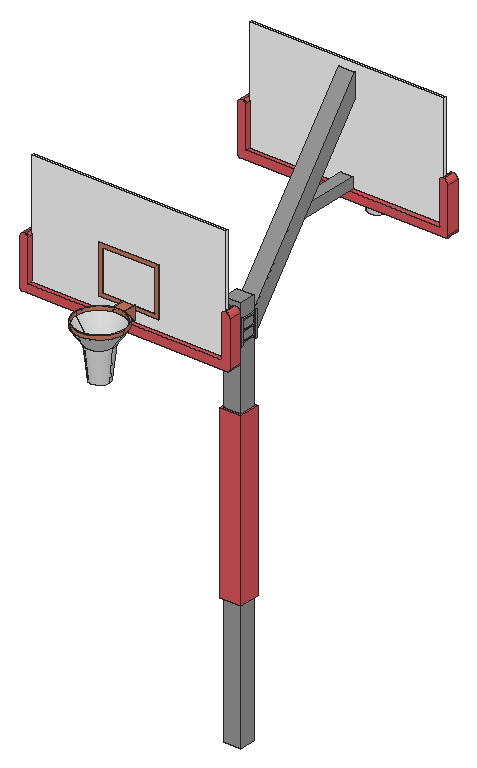
Revit family "Basketball_Backstop-Outdoor-Ultimate_Fixed_Height-IPIbyBison-BA871-72", category Specialty Equipment, Revit 2022
Family settings
  Round Connector Dimension = Use Diameter
  Part Type = Normal
  OmniClass Number = 23.40.50.34.14
  OmniClass Title = Gymnasium Equipment
  Work Plane-Based = No
  Always vertical = Yes
  Cut with Voids When Loaded = No
  Maintain Annotation Orientation = No
  Shared = No
  Room Calculation Point = No
Parameters (values of type "BA872XL-BK")
  padding color [instance] = Plastic - IPI by Bison - Scarlet SC
  URL = "https://ipibybison.com/"
  Specification = "https://www.arcat.com/company/ipi-by-bison-38554/spec"
  Product Page URL = "https://www.arcat.com/arcatcos/cos38/arc38554.html"
  Post Height = 8' - 4"
  Post Square Width = 0' - 6"
  Post Material = Steel - Galvanized - Hot Dipped
  Padding Color [instance] = Plastic - IPI by Bison - Scarlet SC
  Padding = Plastic - IPI by Bison - Scarlet SC
  Model = "BA872XL-BK"
  Manufacturer = "IPI by Bison"
  Keynote = "11 66 00"
  Hoop Finish = Powder Coat - IPI by Bison - Outdoor Orange
  Hoop Elevation = 10' - 0"
  Embedding Depth = 4' - 0"
  Double Sided = yes
  Description = "Outdoor Basketball Frame and Backboard Systems"
  Default Elevation = 0' - 0"
  Copyright = "© 2023 ARCAT"  # constant formula
  Category = ""
  CAD Details = "https://www.arcat.com/company/ipi-by-bison-38554/cad"
  Basket Type = "BA39U"
  Basket Netting = Finish - IPI by Bison - White Netting
  Backboard Length = 6' - 0"
  Backboard Height = 3' - 6"
  Backboard Finish = Powder Coat - White
Types (8): name | Padding | Model | Double Sided | Basket Type | Backboard Length
  BA871A-BK | Padding - Black | "BA871A-BK" | no | "BA39U" | 5' - 0"
  BA871A-GV | Plastic - IPI by Bison - Scarlet SC | "BA871A-GV" | no | "BA39U-GV" | 5' - 0"
  BA871-BK | Plastic - IPI by Bison - Scarlet SC | "BA871-BK" | no | "BA39U" | 5' - 0"
  BA872-BK | Plastic - IPI by Bison - Scarlet SC | "BA872-BK" | yes | "BA39U" | 5' - 0"
  BA871XL-BK | Plastic - IPI by Bison - Scarlet SC | "BA871XL-BK" | no | "BA39U" | 6' - 0"
  BA872-GV | Plastic - IPI by Bison - Scarlet SC | "BA872-GV" | yes | "BA39U" | 5' - 0"
  BA872A-BK | Plastic - IPI by Bison - Scarlet SC | "BA872A-BK" | yes | "BA39U" | 5' - 0"
  BA872XL-BK | Plastic - IPI by Bison - Scarlet SC | "BA872XL-BK" | yes | "BA39U" | 6' - 0"
Reference planes (in)
  plane 1 "Center (Front/Back)": y = 0
  plane 2 "Bottom": z = 0
  plane 3 "Center (Left/Right)": x = 0
  plane 4: x = -3
  plane 5: x = 3
  plane 6 "Back": y = 3
  plane 7: y = -3
  plane 8: y = -51
  plane 9: y = -50
  plane 10 "Left": x = -36
  plane 11 "Right": x = 36
  plane 12: z = 114.5
  plane 13: z = 120
  plane 14 "Top": z = 156.5
  plane 15: y = -51.0625
  plane 16: z = 116.75
  plane 17: y = -31.25
  plane 18: y = -33.25
  plane 19: z = -48
  plane 20: z = 100
  plane 21: z = 94.54174
  plane 22: z = 90.80259
  plane 23: z = 87.06343
  plane 24: x = -3.5
  plane 25: x = 3.5
  plane 26 "Board Center": y = -50.5
  plane 27 "Board Center 2": y = 50.5
Forms (in)
  Extrusion 1, solid, material "Powder Coat - IPI by Bison - Outdoor Orange" <- "Hoop Finish"
    sketch origin (0, 0, 0) x (1, 0, 0) y (0, 0, 1)
      loop
        line (-11.25, 118.5) -> (-2.25, 118.5) -> (-2.25, 120) -> (-9.75, 120) -> (-9.75, 135) -> (9.75, 135) -> (9.75, 120) -> (2.25, 120) -> (2.25, 118.5) -> (11.25, 118.5) -> (11.25, 136.5) -> (-11.25, 136.5) -> (-11.25, 118.5)
    from 51 to 51.0625
  Extrusion 2, solid, material "Steel - Galvanized - Hot Dipped" <- "Post Material"
    sketch origin (0, 0, 0) x (1, 0, 0) y (0, 1, 0)
      loop
        line (-3, 3) -> (-3, -3) -> (3, -3) -> (3, 3) -> (-3, 3)
    from -48 to 100
  Extrusion 3, solid, material "Steel - Galvanized - Hot Dipped" <- "Post Material"
    sketch origin (0, 0, 0) x (0, 1, 0) y (0, 0, 1)
      loop
        line (-3, 95.55319) -> (-3.5, 95.55319) -> (-3.5, 86.05198) -> (-3, 86.05198) -> (-3, 95.55319)
      loop
        line (3, 95.55319) -> (3, 86.05198) -> (3.5, 86.05198) -> (3.5, 95.55319) -> (3, 95.55319)
    from -4 to 4
  Extrusion 4, solid, material "Steel - Galvanized - Hot Dipped" <- "Post Material"
    sketch origin (0, 0, 0) x (1, 0, 0) y (0, 0, 1)
      loop
        circle (-3.5, 94.54174) r 0.25
      loop
        circle (-3.5, 87.06343) r 0.25
      loop
        circle (-3.5, 90.80259) r 0.25
      loop
        circle (3.5, 94.54174) r 0.25
      loop
        circle (3.5, 87.06343) r 0.25
      loop
        circle (3.5, 90.80259) r 0.25
    from -3 to 3
  Extrusion 5, solid, material "Plastic - IPI by Bison - Scarlet SC" <- "Padding Color"
    sketch origin (0, 0, 0) x (1, 0, 0) y (0, 1, 0)
      loop
        line (-3, 3) -> (-3, -3) -> (3, -3) -> (3, 3) -> (-3, 3)
      loop
        line (4, 4) -> (-4, 4) -> (-4, -4) -> (4, -4) -> (4, 4)
    from 0 to 63.25
  Extrusion 6, solid, material "Plastic - IPI by Bison - Scarlet SC" <- "padding color"
    sketch origin (0, -50.5, -2.66507) x (-1, 0, 0) y (0, 0, 1)
      loop
        arc (37, 133.52297) -> (36.29289, 133.23008) -> (36, 132.52297) r 1
        line (36, 132.52297) -> (36, 117.16432) -> (-36, 117.16432) -> (-36, 132.52297)
        arc (-36, 132.52297) -> (-36.29289, 133.23008) -> (-37, 133.52297) r 1
        line (-37, 133.52297) -> (-37.27835, 133.52297)
        arc (-37.27835, 133.52297) -> (-38.51579, 133.01041) -> (-39.02835, 131.77297) r 1.75
        line (-39.02835, 131.77297) -> (-39.02835, 115.02297)
        arc (-39.02835, 115.02297) -> (-38.73546, 114.31587) -> (-38.02835, 114.02297) r 1
        line (-38.02835, 114.02297) -> (38, 114.02297)
        arc (38, 114.02297) -> (38.70711, 114.31587) -> (39, 115.02297) r 1
        line (39, 115.02297) -> (39, 131.77297)
        arc (39, 131.77297) -> (38.48744, 133.01041) -> (37.25, 133.52297) r 1.75
        line (37.25, 133.52297) -> (37, 133.52297)
    from -2.18697 to 2.14819
  Extrusion 7, solid, material "Plastic - IPI by Bison - Scarlet SC" <- "padding color", visible <- "Double Sided"
    sketch origin (0, 50.5, 0) x (-1, 0, 0) y (0, 0, 1)
      loop
        arc (37, 130.8579) -> (36.29289, 130.56501) -> (36, 129.8579) r 1
        line (36, 129.8579) -> (36, 114.49925) -> (-36, 114.49925) -> (-36, 129.8579)
        arc (-36, 129.8579) -> (-36.29289, 130.56501) -> (-37, 130.8579) r 1
        line (-37, 130.8579) -> (-37.27835, 130.8579)
        arc (-37.27835, 130.8579) -> (-38.51579, 130.34534) -> (-39.02835, 129.1079) r 1.75
        line (-39.02835, 129.1079) -> (-39.02835, 112.3579)
        arc (-39.02835, 112.3579) -> (-38.73546, 111.65079) -> (-38.02835, 111.3579) r 1
        line (-38.02835, 111.3579) -> (38, 111.3579)
        arc (38, 111.3579) -> (38.70711, 111.65079) -> (39, 112.3579) r 1
        line (39, 112.3579) -> (39, 129.1079)
        arc (39, 129.1079) -> (38.48744, 130.34534) -> (37.25, 130.8579) r 1.75
        line (37.25, 130.8579) -> (37, 130.8579)
    from -2.18697 to 2.14819
Dimensions and locks (in)
  equal spacing: plane 4, plane 3 "Center (Left/Right)", plane 5
  "Post Square Width": plane 4 to plane 5
  equal spacing: plane 6 "Back", plane 1 "Center (Front/Back)", plane 7
  "Post Square Width": plane 6 "Back" to plane 7
  locked: plane 9 to plane 8 at 1
  equal spacing: plane 10 "Left", plane 3 "Center (Left/Right)", plane 11 "Right"
  "Backboard Length": plane 10 "Left" to plane 11 "Right"
  "Hoop Elevation": plane 13 to level
  locked: plane 13 to plane 12 at 5.5
  "Backboard Height": plane 14 "Top" to plane 12
  locked: plane 8 to plane 15 at 0.0625
  locked: plane 16 to plane 12 at 2.25
  locked: plane 17 to plane 18 at 2
  "Embedding Depth": level to plane 19
  "Post Height": plane 20 to level
  locked: plane 7 to Extrusion 3 sketch curve at 0.5
  plane 20 to Extrusion 3 sketch curve = 0' - 4.44681"
  locked: Extrusion 3 sketch curve to Extrusion 3 sketch curve at 9.50121  (x2)
  locked: Extrusion 3 sketch curve to plane 6 "Back" at 0.5
  equal spacing: Extrusion 3, plane 3 "Center (Left/Right)", Extrusion 3
  locked: Extrusion 3 to Extrusion 3 at 8
  locked: plane 4 to plane 24 at 0.5
  locked: plane 5 to plane 25 at 0.5
  locked: plane 20 to plane 21 at 5.45826
  equal spacing: plane 21, plane 22, plane 23
  locked: plane 21 to plane 23 at 7.47831
  locked: plane 17 to plane 7 at 28.25
  locked: plane 18 to plane 9 at 16.75
  locked: Extrusion 5 sketch curve to Extrusion 5 sketch curve at 1  (x4)
  locked: Extrusion 6 sketch curve to Extrusion 6 sketch curve at 3
  locked: Extrusion 6 sketch curve to Extrusion 6 sketch curve at 3.02835
  locked: plane 9 to plane 26 "Board Center" at 0.5
  locked: Extrusion 7 sketch curve to Extrusion 7 sketch curve at 3
  locked: Extrusion 7 sketch curve to Extrusion 7 sketch curve at 3.02835
  aligned and locked: plane 2 "Bottom" to level
  aligned and locked: plane 8 to Extrusion 1
  aligned and locked: Extrusion 1 to plane 15
  aligned and locked: plane 4 to Extrusion 2 sketch curve
  aligned and locked: plane 5 to Extrusion 2 sketch curve
  aligned and locked: Extrusion 2 sketch curve to plane 7
  aligned and locked: Extrusion 2 sketch curve to plane 6 "Back"
  aligned and locked: plane 20 to Extrusion 2
  aligned and locked: Extrusion 2 to plane 19
  aligned and locked: Extrusion 3 sketch curve to plane 7
  aligned and locked: plane 6 "Back" to Extrusion 3 sketch curve
  aligned and locked: plane 24 to Extrusion 4 sketch curve  (x3)
  aligned and locked: plane 25 to Extrusion 4 sketch curve  (x3)
  aligned and locked: plane 21 to Extrusion 4 sketch curve  (x2)
  aligned and locked: plane 22 to Extrusion 4 sketch curve  (x2)
  aligned and locked: plane 23 to Extrusion 4 sketch curve  (x2)
  aligned and locked: plane 6 "Back" to Extrusion 4
  aligned and locked: plane 7 to Extrusion 4
  aligned and locked: nested 1 to plane 3 "Center (Left/Right)"
  aligned and locked: plane 7 to nested 1
  aligned and locked: plane 22 to nested 1
  aligned and locked: nested 2 to plane 22
  aligned and locked: nested 2 to plane 6 "Back"
  aligned and locked: nested 2 to Extrusion 5 sketch curve
  aligned and locked: Extrusion 5 sketch curve to plane 4
  aligned and locked: Extrusion 5 sketch curve to nested 1
  aligned and locked: plane 7 to Extrusion 5 sketch curve
  aligned and locked: Extrusion 6 sketch curve to nested 1
  aligned and locked: nested 1 to Extrusion 6 sketch curve
Automatic sketch dimensions
  Extrusion 1 sketch curve to plane 13 = 0' - 0"  (x2)
  plane 4 to Extrusion 1 sketch curve = 0' - 0 3/4"
  Extrusion 1 sketch curve to Extrusion 1 sketch curve = 0' - 1 1/2"  (x3)
  plane 5 to Extrusion 1 sketch curve = 0' - 0 3/4"
  Extrusion 1 sketch curve to plane 5 = 0' - 6 3/4"
  Extrusion 1 sketch curve to plane 13 = 0' - 1 1/2"  (x2)
  Extrusion 3 sketch curve to Extrusion 3 sketch curve = 0' - 0"
  plane 13 to Extrusion 1 sketch curve = 1' - 3"
  Extrusion 1 sketch curve to plane 24 = 0' - 7 3/4"
  Extrusion 6 sketch curve to Extrusion 6 sketch curve = 0' - 1"
  Extrusion 6 sketch curve to Extrusion 6 sketch curve = 0' - 0.27835"
  Extrusion 6 sketch curve to Extrusion 6 sketch curve = 0' - 2.02835"
  Extrusion 6 sketch curve to plane 10 "Left" = 0' - 1"
  Extrusion 6 sketch curve to Extrusion 6 sketch curve = 0' - 0 1/4"
  Extrusion 6 sketch curve to plane 10 "Left" = 0' - 2"
  Extrusion 6 sketch curve to plane 12 = 0' - 3.1421"
  Extrusion 6 sketch curve to plane 12 = 0' - 0.00075"
  plane 13 to Extrusion 6 sketch curve = 0' - 9.1079"  (x2)
  plane 11 "Right" to Extrusion 7 sketch curve = 0' - 0"
  Extrusion 7 sketch curve to plane 10 "Left" = 0' - 0"
  Extrusion 7 sketch curve to Extrusion 7 sketch curve = 0' - 1"  (x2)
  Extrusion 7 sketch curve to plane 11 "Right" = 0' - 1.27835"
  Extrusion 7 sketch curve to Extrusion 7 sketch curve = 0' - 0.27835"
  Extrusion 7 sketch curve to plane 10 "Left" = 0' - 1"
  Extrusion 7 sketch curve to Extrusion 7 sketch curve = 0' - 0 1/4"
  Extrusion 7 sketch curve to plane 12 = 0' - 3.1421"
  Extrusion 7 sketch curve to plane 12 = 0' - 0.00075"
  plane 13 to Extrusion 7 sketch curve = 0' - 9.1079"  (x2)
  radius of Extrusion 4 sketch curve = 0' - 0 1/4"  (x6)
Nested families (in)
  nested 1: "Backboard-Hoop_Assembly" at (0, -3, 86.05124), Backboard Finish <- "Backboard Finish", Basket Netting <- "Basket Netting", Hoop Finish <- "Hoop Finish", Post Material <- "Post Material", Backboard Height <- "Backboard Height", Backboard Length <- "Backboard Length", type "Family1"
    with Post Material Steel - Galvanized - Hot Dipped, Hoop Finish Powder Coat - IPI by Bison - Outdoor Orange, Basket Netting Finish - IPI by Bison - White Netting, Backboard Length 6' - 0", Backboard Height 3' - 6", Backboard Finish Powder Coat - White
  nested 2: "Backboard-Hoop_Assembly" at (0, 3, 86.05124), Backboard Finish <- "Backboard Finish", Basket Netting <- "Basket Netting", Hoop Finish <- "Hoop Finish", Post Material <- "Post Material", visible <- "Double Sided", Backboard Height <- "Backboard Height", Backboard Length <- "Backboard Length", type "Family1"
    with Post Material Steel - Galvanized - Hot Dipped, Hoop Finish Powder Coat - IPI by Bison - Outdoor Orange, Basket Netting Finish - IPI by Bison - White Netting, Backboard Length 6' - 0", Backboard Height 3' - 6", Backboard Finish Powder Coat - White
Definition of nested family "Backboard-Hoop_Assembly"
  Parameters (values of type "Family1")
    Post Material [instance] = none
    Hoop Finish [instance] = none
    Default Elevation = 0' - 0"
    Basket Netting [instance] = none
    Backboard Length [instance] = 5' - 0"
    Backboard Height [instance] = 3' - 6"
    Backboard Finish [instance] = none
  Reference planes (in)
    plane 1 "Center (Front/Back)": y = 0
    plane 2 "Bottom": z = 0
    plane 3 "Center (Left/Right)": x = 0
    plane 4 "Top": z = 70.44802
    plane 5: y = -48
    plane 6: z = 4.75135
    plane 7: x = -30
    plane 8: x = 30
    plane 9: z = 28.44802
  Forms (in)
    Extrusion 1, solid, material <- "Backboard Finish"
      sketch origin (0, 3, -86.05198) x (1, 0, 0) y (0, 0, 1)
        loop
          line (-30, 114.5) -> (30, 114.5) -> (30, 156.5) -> (-30, 156.5) -> (-30, 114.5)
      from 50 to 51
    Extrusion 2, solid, material <- "Hoop Finish"
      sketch origin (0, 3, -86.05198) x (1, 0, 0) y (0, 0, 1)
        loop
          line (-11.25, 118.5) -> (-2.25, 118.5) -> (-2.25, 120) -> (-9.75, 120) -> (-9.75, 135) -> (9.75, 135) -> (9.75, 120) -> (2.25, 120) -> (2.25, 118.5) -> (11.25, 118.5) -> (11.25, 136.5) -> (-11.25, 136.5) -> (-11.25, 118.5)
      from 51 to 51.0625
    Extrusion 3, solid, material <- "Post Material"
      sketch origin (0, 3, -86.05198) x (0, 1, 0) y (0, 0, 1)
        loop
          line (-50, 114.5) -> (-25.85567, 114.5) -> (-29.06935, 118.5) -> (-50, 118.5) -> (-50, 114.5)
      from -2.25 to 2.25
    Extrusion 4, solid, material <- "Post Material"
      sketch origin (0, 3, -86.05198) x (0, 1, 0) y (0, 0, 1)
        loop
          line (-3, 95) -> (-50, 153.5) -> (-50, 144.55198) -> (-3, 86.05198) -> (-3, 95)
      from -3 to 3
  Dimensions and locks (in)
    locked: Extrusion 4 sketch curve to Extrusion 4 sketch curve at 8.94802  (x2)
    locked: plane 6 to level at 4.75135
    locked: plane 1 "Center (Front/Back)" to plane 5 at 48
    locked: level to plane 4 "Top" at 70.44802
    equal spacing: plane 7, plane 3 "Center (Left/Right)", plane 8
    "Backboard Length": plane 7 to plane 8
    "Backboard Height": plane 4 "Top" to plane 9
    aligned and locked: plane 2 "Bottom" to level
    aligned and locked: Extrusion 4 to plane 1 "Center (Front/Back)"
    aligned and locked: plane 7 to Extrusion 1
    aligned and locked: plane 8 to Extrusion 1
    aligned and locked: Extrusion 1 to plane 4 "Top"
    aligned and locked: plane 9 to Extrusion 1
  Automatic sketch dimensions
    Extrusion 1 sketch curve to plane 4 "Top" = 0' - 0"
    plane 7 to Extrusion 1 sketch curve = 0' - 0"
    Extrusion 1 sketch curve to plane 8 = 0' - 0"
    plane 6 to Extrusion 1 sketch curve = 1' - 11.69666"
    Extrusion 2 sketch curve to plane 3 "Center (Left/Right)" = 0' - 11 1/4"
    Extrusion 2 sketch curve to Extrusion 2 sketch curve = 0' - 1 1/2"  (x5)
    Extrusion 2 sketch curve to plane 3 "Center (Left/Right)" = 0' - 2 1/4"
    plane 3 "Center (Left/Right)" to Extrusion 2 sketch curve = 0' - 2 1/4"
    Extrusion 2 sketch curve to Extrusion 2 sketch curve = 0' - 7 1/2"
    plane 6 to Extrusion 2 sketch curve = 2' - 3.69666"
    Extrusion 2 sketch curve to Extrusion 2 sketch curve = 0' - 0"
    Extrusion 2 sketch curve to Extrusion 2 sketch curve = 1' - 3"
    plane 5 to Extrusion 3 sketch curve = 0' - 1"
    Extrusion 3 sketch curve to Extrusion 3 sketch curve = 1' - 8.93065"
    Extrusion 3 sketch curve to Extrusion 3 sketch curve = 0' - 3.21368"
    plane 6 to Extrusion 3 sketch curve = 1' - 11.69666"
    Extrusion 3 sketch curve to Extrusion 3 sketch curve = 0' - 4"
    Extrusion 4 sketch curve to level = 0' - 0"
    Extrusion 4 sketch curve to plane 1 "Center (Front/Back)" = 0' - 0"
    plane 5 to Extrusion 4 sketch curve = 0' - 1"
    plane 4 "Top" to Extrusion 4 sketch curve = 0' - 11.94802"
  Nested families (in)
    nested 1: "Playground-System_Heavy-Duty-4_1-2in_PR52_Basket" at (0, -48, 33.94802), Frame <- "Hoop Finish", Netting <- "Basket Netting", type "Playground-System_Heavy-Duty-4_1-2in_PR52_Basket"
      with Netting none, Frame none
  Definition of nested family "Playground-System_Heavy-Duty-4_1-2in_PR52_Basket"
    Parameters (values of type "Playground-System_Heavy-Duty-4_1-2in_PR52_Basket")
      Netting [instance] = none
      Frame [instance] = none
      Default Elevation = 0' - 0"
    Reference planes (in)
      plane 1 "Center (Front/Back)": y = 0
      plane 2: z = 0
      plane 3 "Center (Left/Right)": x = 0
      plane 4 "Net": y = -13.5
      plane 5: x = -2.25
      plane 6: x = 2.25
    Forms (in)
      Extrusion 1, solid, material <- "Frame"
        sketch origin (0, 0, 0) x (1, 0, 0) y (0, 1, 0)
          loop
            circle (0, -13.5) r 9
          loop
            circle (0, -13.5) r 8.75
        from -1.38229 to 0
      Extrusion 2, solid, material <- "Frame"
        sketch origin (0, 0, 0) x (0, 1, 0) y (0, 0, 1)
          loop
            line (0, 0) -> (-4.75, 0) -> (-4.75, -1.1813) -> (0, -5.25) -> (0, 0)
        from -2.25 to -2.06458
      Extrusion 3, solid, material <- "Frame"
        sketch origin (0, 0, 0) x (0, 1, 0) y (0, 0, -1)
          loop
            line (0, 0) -> (0, 5.25) -> (-4.75, 1.1813) -> (-4.75, 0) -> (0, 0)
        from -2.25 to -2.06458
      Extrusion 4, solid, material <- "Frame"
        sketch origin (0, 0, 0) x (0, 1, 0) y (0, 0, 1)
          loop
            line (-4.75, 0) -> (-4.75, -0.25) -> (-0.25, -0.25) -> (-0.25, -5.03586) -> (0, -5.25) -> (0, 0) -> (-4.75, 0)
        from -2.06458 to 2.06458
      Revolve 5, solid, material <- "Netting"
        sketch origin (0, -13.5, 0) x (-1, 0, 0) y (0, 0, 1)
          loop
            line (9, -1.38229) -> (8.8474, -1.38229) -> (4.72063, -7.27592) -> (3.4482, -19.38229) -> (3.57389, -19.38229) -> (4.84157, -7.32114) -> (9, -1.38229)
          axis (0, -1.38229) -> (0, -19.38229)
        angle from 0 to 360
    Dimensions and locks (in)
      locked: level to Extrusion 1 at 1.38229
      locked: plane 4 "Net" to plane 1 "Center (Front/Back)" at 13.5
      equal spacing: plane 6, plane 3 "Center (Left/Right)", plane 5
      locked: plane 6 to plane 5 at 4.5
      aligned and locked: plane 2 to level
      aligned and locked: level to Extrusion 1
    Automatic sketch dimensions
      Extrusion 1 sketch curve to Extrusion 1 sketch curve = 0' - 0"  (x2)
      Extrusion 1 sketch curve to plane 3 "Center (Left/Right)" = 0' - 0"
      Extrusion 1 sketch curve to plane 4 "Net" = 0' - 0"
      Revolve 5 sketch curve to plane 3 "Center (Left/Right)" = 0' - 0"
      Revolve 5 sketch curve to plane 5 = 0' - 1.1982"
      Revolve 5 sketch curve to Revolve 5 sketch curve = 0' - 0.12569"
      Revolve 5 sketch curve to plane 5 = 0' - 2.47063"
      Revolve 5 sketch curve to Revolve 5 sketch curve = 0' - 0.12094"
      Revolve 5 sketch curve to level = 0' - 1.38229"  (x2)
      Revolve 5 sketch curve to plane 5 = 0' - 6.5974"
      Revolve 5 sketch curve to Revolve 5 sketch curve = 0' - 0.1526"
      Revolve 5 sketch curve to Revolve 5 sketch curve = 0' - 0.04522"
      Revolve 5 sketch curve to Revolve 5 sketch curve = 1' - 0.06115"
      Revolve 5 sketch curve to Revolve 5 sketch curve = 0' - 1"
      Revolve 5 sketch curve to Revolve 5 sketch curve = 0' - 5.89364"
      Extrusion 2 sketch curve to level = 0' - 0"
      Extrusion 2 sketch curve to plane 1 "Center (Front/Back)" = 0' - 0"
      Extrusion 2 sketch curve to level = 0' - 1.1813"
      plane 1 "Center (Front/Back)" to Extrusion 2 sketch curve = 0' - 4 3/4"
      Extrusion 2 sketch curve to level = 0' - 5 1/4"
      Extrusion 3 sketch curve to level = 0' - 0"
      Extrusion 3 sketch curve to plane 1 "Center (Front/Back)" = 0' - 0"
      Extrusion 3 sketch curve to level = 0' - 1.1813"
      plane 1 "Center (Front/Back)" to Extrusion 3 sketch curve = 0' - 4 3/4"
      Extrusion 3 sketch curve to level = 0' - 5 1/4"
      Extrusion 4 sketch curve to level = 0' - 0"
      Extrusion 4 sketch curve to plane 1 "Center (Front/Back)" = 0' - 0"
      plane 1 "Center (Front/Back)" to Extrusion 4 sketch curve = 0' - 0 1/4"
      Extrusion 4 sketch curve to level = 0' - 0 1/4"
      Extrusion 4 sketch curve to Extrusion 4 sketch curve = 0' - 4 1/2"
      Extrusion 4 sketch curve to Extrusion 4 sketch curve = 0' - 4.78586"
      Extrusion 4 sketch curve to Extrusion 4 sketch curve = 0' - 0.21414"
      radius of Extrusion 1 sketch curve = 0' - 9"
      radius of Extrusion 1 sketch curve = 0' - 8 3/4"
